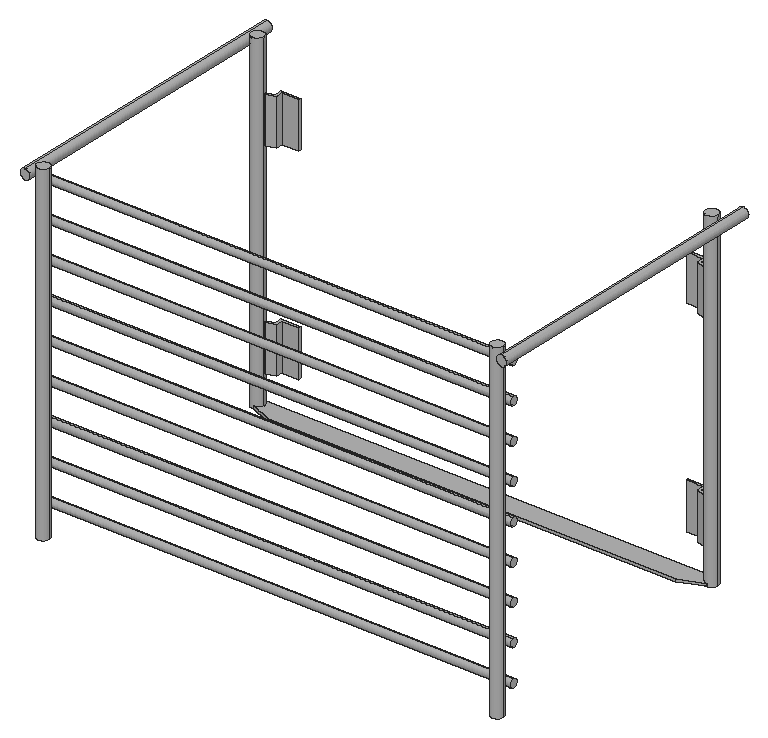
Revit family "WashbasinUnit-WithShelf-Vitra-EqualSeries-64082-64084", category Furniture Systems, host Face, Revit 2017
Family settings
  Host = Face
  Round Connector Dimension = Use Diameter
  Part Type = Normal
  OmniClass Number = 23.40.00.00
  OmniClass Title = Equipment and Furnishings
  Cut with Voids When Loaded = No
  Shared = Yes
  Room Calculation Point = No
Parameters (values of type "WashbasinUnit-WithShelf-Vitra-EqualSeries-60cm_64082")
  Youtube = "https://www.youtube.com/user/VitrAglobal"
  Width(mm) = 620 mm
  Weight Net (kg) = "30,200"
  Warranty Period (Year) = "2"
  Uniformat II Description = "FURNISHINGS"
  Uniformat II Code = "E20"
  Uniclass 2015 Name = "Wash basins, sinks and troughs"
  Uniclass 2015 Code = "Pr_40_20_93"
  Uniclass 2.0 Description = "Bathroom Cabinets"
  Uniclass 1.4 Description = "Bathroom Cabinets"
  Uniclass 2.0 Code = "PR-35-75-08"
  Uniclass 1.4 Code = "L8241"
  URL = "https://vitraglobal.com/"
  UNSPSC Description = "Bathroom Cabinets"
  UNSPSC Code = "301815"
  Technical description = "https://www.vitra.com.tr/pdf/64082/"
  Tap hole Options (default) = ""
  Specification = ""
  Region South America = "All"
  Region Oceania = "All"
  Region North America = "All"
  Region Middle East = "All"
  Region Europe = "All"
  Region Asia = "All"
  Region Antarctica = "All"
  Region Africa = "All"
  Product group = "Washbasin Unit"
  Product family = "Equal"
  Product data url = "https://www.vitraglobal.com/bathroom-furniture/washbasin-unit/free/equal-washbasin-unit-60-cm-with-shelf-sku-64082"
  Product certification = "https://vitraglobal.com/catalogues/quality-certificates"
  Product SKU = "64082"
  Product Guid = ""
  Primary Material = Vitra-chrome
  OmniClass Description = "Bathroom Cabinets"
  OmniClass Code = "23-31 25 13"
  Nominal width = "0.000"
  Nominal height = "0.000"
  NBS Referans Description = "Bathroom Cabinets"
  NBS Referans Code = "35-75-08"
  Model = "64082"
  Masterformat 2014 Description = "Bathroom Unit Modules"
  Masterformat 2014 Code = "13 42 13"
  Manufacturer name = "Vitra"
  Manufacturer = "Vitra"
  Installation instructions = ""
  IFC Classification = "Furniture"
  Help = ""
  Height(mm) = 393 mm
  Design country = "Turkey"
  Description = "Equal Washbasin Unit, 60 cm, with Shelf"
  Depth(mm) = 432 mm
  Default Elevation = 660 mm
  Construction Type = "Face Mounted"
  Color = ""
  COBIe Type Category = ""
  BIMobject category = "Bathroom compound units"
  Article No. (default) = "64082"
  Accessories (default) = ""
Types (3, lengths in mm): name | Width(mm) | Technical description | Product data url | Product SKU | Model | Description | Article No. (default)
  (no name) | 620 | "https://www.vitra.com.tr/pdf/64082/" | "https://www.vitraglobal.com/bathroom-furniture/washbasin-unit/free/equal-washbasin-unit-60-cm-with-shelf-sku-64082" | "64082" | "64082" | "Equal Washbasin Unit, 60 cm, with Shelf" | "64082"
  WashbasinUnit-WithShelf-Vitra-EqualSeries-60cm_64082 | 620 | "https://www.vitra.com.tr/pdf/64082/" | "https://www.vitraglobal.com/bathroom-furniture/washbasin-unit/free/equal-washbasin-unit-60-cm-with-shelf-sku-64082" | "64082" | "64082" | "Equal Washbasin Unit, 60 cm, with Shelf" | "64082"
  WashbasinUnit-WithShelf-Vitra-EqualSeries-80cm_64084 | 820 | "https://www.vitra.com.tr/pdf/64084/" | "https://www.vitraglobal.com/bathroom-furniture/washbasin-unit/free/equal-washbasin-unit-80-cm-with-shelf-sku-64084" | "64084" | "64084" | "Equal Washbasin Unit, 80 cm, with Shelf" | "64084"
Reference planes
  plane 1 "Center (Front/Back)": y = 0
  plane 2: z = -0.016
  plane 3 "Center (Left/Right)": x = 0.51
  plane 4: y = 200.515
  plane 5: y = -192.485
  plane 6: x = 310.51
  plane 7: x = -309.49
  plane 8: x = 307.026
  plane 9: x = -305.912
  plane 10: x = -251.549
  plane 11: x = 253.09
  plane 12: x = -251.547
  plane 13: z = 431.984
Forms (mm)
  Extrusion 1, solid, material "Vitra-chrome" <- "Primary Material"
    sketch origin (306.088, -172.533, 35) x (0, 0, -1) y (0, 1, 0)
      loop
        circle (0, 3.959) r 5
      loop
        circle (-47.103, 3.959) r 5
      loop
        circle (-94.059, 3.959) r 5
      loop
        circle (-140.935, 3.959) r 5
      loop
        circle (-187.962, 3.959) r 5
      loop
        circle (-234.996, 3.959) r 5
      loop
        circle (-281.951, 3.959) r 5
      loop
        circle (-329.053, 3.959) r 5
      loop
        circle (-375.872, 3.959) r 5
    from 0.938 to -612
  Extrusion 2, solid, material "Vitra-chrome" <- "Primary Material"
    sketch origin (-294.912, 174.599, 432) x (-1, 0, 0) y (0, -1, 0)
      loop
        circle (0.07, 7.079) r 8
      loop
        circle (-590.867, 7.079) r 8
      loop
        circle (0.07, 356.062) r 8
      loop
        circle (-590.867, 356.062) r 8
    from 0 to -432
  Extrusion 3, solid, material "Vitra-chrome" <- "Primary Material"
    sketch origin (-269.689, 182.612, 366) x (-1, 0, 0) y (0, -1, 0)
      loop
        line (6.86, 0) -> (6.86, 9.5) -> (17.077, 13) -> (17.077, 16.171) -> (3.86, 11.643) -> (3.86, 3) -> (-18.14, 3) -> (-18.14, 0) -> (6.86, 0)
      loop
        line (-547.777, 0) -> (-522.777, 0) -> (-522.777, 3) -> (-544.777, 3) -> (-544.777, 11.643) -> (-557.994, 16.171) -> (-557.994, 13) -> (-547.777, 9.5) -> (-547.777, 0)
    from 0 to -60
  Extrusion 4, solid, material "Vitra-chrome" <- "Primary Material"
    sketch origin (-269.687, 182.612, 100) x (-1, 0, 0) y (0, -1, 0)
      loop
        line (6.86, 0) -> (6.86, 9.5) -> (17.077, 13) -> (17.077, 16.171) -> (3.86, 11.643) -> (3.86, 3) -> (-18.14, 3) -> (-18.14, 0) -> (6.86, 0)
      loop
        line (-547.777, 0) -> (-522.777, 0) -> (-522.777, 3) -> (-544.777, 3) -> (-544.777, 11.643) -> (-557.994, 16.171) -> (-557.994, 13) -> (-547.777, 9.5) -> (-547.777, 0)
    from 0 to -60
  Extrusion 5, solid, material "Vitra-chrome" <- "Primary Material"
    sketch origin (-315.915, 200.515, 422.5) x (0, 0, 1) y (1, 0, 0)
      loop
        circle (-0.047, 6.426) r 6.5
      loop
        circle (-0.047, 626.426) r 6.5
    from 0 to -393
  Extrusion 6, solid, material "Vitra-chrome" <- "Primary Material"
    sketch origin (-294.912, 165.015, 0) x (-1, 0, 0) y (0, -1, 0)
      loop
        line (-4.664, -10) -> (0.336, -10) -> (0.336, 5.491) -> (-30, 18) -> (-560.938, 18) -> (-590.938, 5.495) -> (-590.938, -10) -> (-4.664, -10)
    from 0 to 3.377
Dimensions and locks
  "Height(mm)": plane 4 to plane 5
  equal spacing: plane 7, plane 3 "Center (Left/Right)", plane 6
  "Width(mm)": plane 7 to plane 6
  locked: plane 7 to plane 9 at 3.578
  locked: plane 8 to plane 6 at 3.485
  locked: plane 7 to plane 10 at 57.941
  locked: plane 11 to plane 6 at 57.42
  locked: plane 7 to plane 12 at 57.943
  "Depth(mm)": plane 13 to host face
  aligned and locked: plane 2 to host face
  aligned and locked: level to host face
  aligned and locked: plane 8 to Extrusion 1
  aligned and locked: plane 9 to Extrusion 1
  aligned and locked: plane 10 to Extrusion 3
  aligned and locked: plane 11 to Extrusion 4
  aligned and locked: Extrusion 4 to plane 12
Automatic sketch dimensions
  host sketch curve to host sketch curve = 2438.4 mm  (x2)
  Extrusion 1 sketch curve to Extrusion 1 sketch curve = 46.818 mm
  Extrusion 1 sketch curve to Extrusion 1 sketch curve = 47.102 mm
  Extrusion 1 sketch curve to Extrusion 1 sketch curve = 46.955 mm
  Extrusion 1 sketch curve to Extrusion 1 sketch curve = 47.034 mm
  Extrusion 1 sketch curve to Extrusion 1 sketch curve = 47.027 mm
  Extrusion 1 sketch curve to Extrusion 1 sketch curve = 46.877 mm
  Extrusion 1 sketch curve to Extrusion 1 sketch curve = 46.956 mm
  level to Extrusion 1 sketch curve = 35 mm
  Extrusion 1 sketch curve to Extrusion 1 sketch curve = 0 mm  (x8)
  Extrusion 3 sketch curve to Extrusion 3 sketch curve = 10.217 mm  (x2)
  Extrusion 3 sketch curve to Extrusion 3 sketch curve = 3 mm  (x4)
  Extrusion 3 sketch curve to Extrusion 3 sketch curve = 22 mm  (x2)
  Extrusion 3 sketch curve to plane 3 "Center (Left/Right)" = 252.059 mm
  Extrusion 3 sketch curve to Extrusion 3 sketch curve = 9.5 mm
  Extrusion 3 sketch curve to Extrusion 3 sketch curve = 6.5 mm
  Extrusion 3 sketch curve to Extrusion 3 sketch curve = 2.143 mm  (x2)
  Extrusion 3 sketch curve to Extrusion 3 sketch curve = 3.5 mm  (x2)
  Extrusion 3 sketch curve to Extrusion 3 sketch curve = 3.171 mm  (x2)
  Extrusion 4 sketch curve to Extrusion 4 sketch curve = 10.217 mm  (x2)
  Extrusion 4 sketch curve to Extrusion 4 sketch curve = 3 mm  (x4)
  Extrusion 4 sketch curve to Extrusion 4 sketch curve = 22 mm  (x2)
  Extrusion 4 sketch curve to plane 3 "Center (Left/Right)" = 252.057 mm
  Extrusion 4 sketch curve to Extrusion 4 sketch curve = 9.5 mm
  Extrusion 4 sketch curve to Extrusion 4 sketch curve = 6.5 mm
  Extrusion 4 sketch curve to Extrusion 4 sketch curve = 2.143 mm  (x2)
  Extrusion 4 sketch curve to Extrusion 4 sketch curve = 3.5 mm  (x2)
  Extrusion 4 sketch curve to Extrusion 4 sketch curve = 3.171 mm  (x2)
  Extrusion 6 sketch curve to Extrusion 6 sketch curve = 30 mm
  Extrusion 6 sketch curve to Extrusion 6 sketch curve = 25.336 mm
  Extrusion 6 sketch curve to Extrusion 6 sketch curve = 5 mm
  Extrusion 6 sketch curve to Extrusion 6 sketch curve = 15.491 mm
  Extrusion 6 sketch curve to Extrusion 6 sketch curve = 15.495 mm
  Extrusion 2 sketch curve to plane 4 = 32.995 mm  (x2)
  Extrusion 3 sketch curve to plane 4 = 17.903 mm  (x2)
  Extrusion 4 sketch curve to plane 4 = 17.903 mm  (x2)
  Extrusion 6 sketch curve to plane 4 = 25.5 mm
  Extrusion 6 sketch curve to Extrusion 6 sketch curve = 12.505 mm
  plane 5 to Extrusion 1 sketch curve = 23.911 mm
  plane 5 to Extrusion 2 sketch curve = 11.022 mm  (x2)
  Extrusion 2 sketch curve to plane 6 = 14.555 mm  (x2)
  Extrusion 3 sketch curve to plane 6 = 57.422 mm
  Extrusion 4 sketch curve to plane 6 = 57.42 mm
  Extrusion 5 sketch curve to plane 6 = 0 mm
  Extrusion 6 sketch curve to plane 6 = 44.485 mm
  Extrusion 2 sketch curve to plane 7 = 14.507 mm  (x2)
  plane 7 to Extrusion 5 sketch curve = 0 mm
  Extrusion 6 sketch curve to plane 7 = 44.578 mm
  Extrusion 1 sketch curve to Extrusion 1 sketch curve = 47.103 mm
  plane 13 to Extrusion 5 sketch curve = 9.53 mm  (x2)
  radius of Extrusion 1 sketch curve = 5 mm  (x9)
  radius of Extrusion 2 sketch curve = 8 mm  (x4)
  radius of Extrusion 5 sketch curve = 6.5 mm  (x2)
